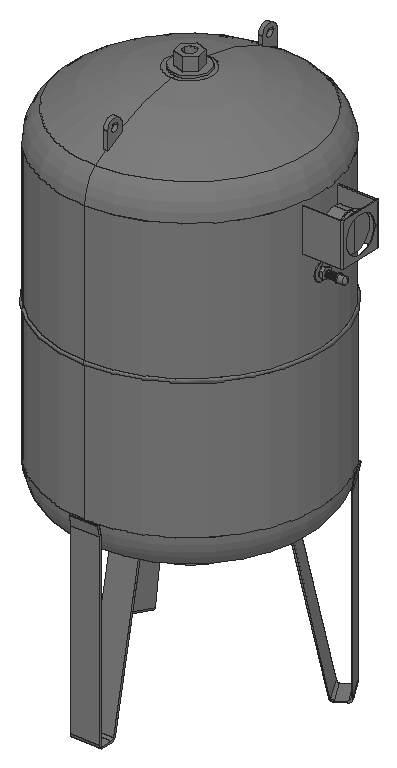
Revit family "MIT-100-ET (Vertical)", category Specialty Equipment, Revit 2022
Family settings
  Round Connector Dimension = Use Diameter
  Part Type = Normal
  Work Plane-Based = No
  Always vertical = Yes
  Cut with Voids When Loaded = No
  Maintain Annotation Orientation = No
  Shared = No
  Room Calculation Point = No
Parameters
  URL = "https://en.ekinendustriyel.com/expansion-tanks"
  Test Pressure = 15.0 bar
  Production Standard = "TS EN 13831"
  Precharge Pressure = 4.0 bar
  Operating Pressure = 10.0 bar
  Model = "MIT-100-ET_(Vertical)"
  Manufacturer = "Ekin Endüstriyel"
  Keynote = "Expension Tank"
  Description = "MIT-Expension Tank"
  Default Elevation = 0 mm
Reference planes
  plane 1 "Center (Front/Back)": y = 0
  plane 2: z = 0
  plane 3 "Center (Left/Right)": x = 0
Forms (mm)
  Revolve 1, solid, material "Ekin Endustriyel-S235JR", detail levels medium+fine
    sketch origin (0, -5730, 0) x (0, 1, 0) y (0, 0, 1)
      loop
        line (5730, 963.758) -> (5730, 962.558) -> (5770.082, 962.558)
        arc (5770.082, 962.558) -> (5857.84, 940.54) -> (5937.263, 897.199) r 357.555
        arc (5937.263, 897.199) -> (5953.429, 874.101) -> (5959.128, 846.49) r 69.733
        line (5959.128, 846.49) -> (5959.128, 353.092)
        arc (5959.128, 353.092) -> (5951.021, 320.564) -> (5928.596, 295.645) r 69.31
        arc (5928.596, 295.645) -> (5867.329, 262.817) -> (5800.687, 243.063) r 341.761
        arc (5800.687, 243.063) -> (5793.289, 238.514) -> (5785.554, 234.566) r 109.367
        line (5785.554, 234.566) -> (5730, 234.566) -> (5730, 233.373) -> (5785.832, 233.373)
        arc (5785.832, 233.373) -> (5793.661, 237.347) -> (5801.151, 241.93) r 110.567
        arc (5801.151, 241.93) -> (5867.899, 261.754) -> (5929.267, 294.65) r 342.961
        arc (5929.267, 294.65) -> (5952.08, 320) -> (5960.328, 353.092) r 70.51
        line (5960.328, 353.092) -> (5960.328, 596.925)
        arc (5960.328, 596.925) -> (5963.328, 600.081) -> (5960.016, 602.908) r 3
        line (5960.016, 602.908) -> (5960.016, 846.49)
        arc (5960.016, 846.49) -> (5953.898, 875.308) -> (5936.601, 899.154) r 70.933
        arc (5936.601, 899.154) -> (5857.46, 941.976) -> (5770.153, 963.758) r 358.755
        line (5770.153, 963.758) -> (5730, 963.758)
      axis (5730, 233.373) -> (5730, 963.758)
    angle from 0 to 360
  Extrusion 2, solid, material "Ekin Endustriyel-S235JR", detail levels coarse
    sketch origin (1330, -1404.642, 191.199) x (1, 0, 0) y (0, 1, 0)
      loop
        circle (-1330, 1405) r 73.5
    from 31 to 42.174
  Revolve 3, solid, material "Ekin Endustriyel-S235JR", detail levels fine
    sketch origin (1890, 0.358, 191.199) x (1, 0, 0) y (0, 0, 1)
      loop
        line (-1901.943, 0.978) -> (-1901.943, 31) -> (-1907.034, 31)
        arc (-1907.034, 31) -> (-1906.343, 30.575) -> (-1906.192, 29.778) r 1.003
        line (-1906.192, 29.778) -> (-1905.077, 28.872) -> (-1906.303, 27.876) -> (-1905.077, 26.88) -> (-1906.303, 25.883) -> (-1905.077, 24.887) -> (-1906.303, 23.891) -> (-1905.077, 22.895) -> (-1906.303, 21.898) -> (-1905.077, 20.902) -> (-1906.303, 19.906) -> (-1905.077, 18.91) -> (-1906.303, 17.914) -> (-1905.077, 16.917) -> (-1906.303, 15.921) -> (-1905.077, 14.925) -> (-1906.303, 13.929) -> (-1905.077, 12.932) -> (-1906.303, 11.936) -> (-1905.077, 10.94) -> (-1906.303, 9.944) -> (-1905.077, 8.948) -> (-1906.303, 7.951) -> (-1905.077, 6.955) -> (-1906.303, 5.959) -> (-1905.077, 4.963) -> (-1906.303, 3.966) -> (-1905.077, 2.97) -> (-1906.303, 1.974) -> (-1905.077, 0.978) -> (-1901.943, 0.978)
      axis (-1890, 31) -> (-1890, 0.978)
    angle from 0 to 360
  Extrusion 4, solid, material "Ekin Endustriyel-S235JR", detail levels fine
    sketch origin (1330, -1404.642, 222.199) x (0, 1, 0) y (1, 0, 0)
      loop
        line (1469.567, -1324.064) -> (1462.158, -1323.023) -> (1457.552, -1328.918) -> (1460.355, -1335.855) -> (1467.764, -1336.896) -> (1472.37, -1331.001) -> (1469.567, -1324.064)
      loop
        line (1342.236, -1323.023) -> (1337.63, -1328.918) -> (1340.433, -1335.855) -> (1347.842, -1336.896) -> (1352.448, -1331.001) -> (1349.645, -1324.064) -> (1342.236, -1323.023)
      loop
        line (1442.389, -1382.929) -> (1439.587, -1375.992) -> (1432.178, -1374.951) -> (1427.572, -1380.846) -> (1430.374, -1387.783) -> (1437.783, -1388.824) -> (1442.389, -1382.929)
      loop
        line (1379.626, -1272.136) -> (1372.217, -1271.095) -> (1367.611, -1276.991) -> (1370.413, -1283.927) -> (1377.822, -1284.969) -> (1382.428, -1279.073) -> (1379.626, -1272.136)
      loop
        line (1377.822, -1388.824) -> (1382.428, -1382.929) -> (1379.626, -1375.992) -> (1372.217, -1374.951) -> (1367.611, -1380.846) -> (1370.413, -1387.783) -> (1377.822, -1388.824)
      loop
        line (1442.389, -1279.073) -> (1439.587, -1272.136) -> (1432.178, -1271.095) -> (1427.572, -1276.991) -> (1430.374, -1283.927) -> (1437.783, -1284.969) -> (1442.389, -1279.073)
    from 0 to 5.3
  Extrusion 5, solid, material "Ekin Endustriyel-S235JR", detail levels fine
    sketch origin (1330, -1404.642, 233.373) x (1, 0, 0) y (0, 1, 0)
      loop
        circle (-1330, 1465) r 4.5
      loop
        circle (-1381.962, 1435) r 4.5
      loop
        circle (-1381.962, 1375) r 4.5
      loop
        circle (-1330, 1345) r 4.5
      loop
        circle (-1278.038, 1375) r 4.5
      loop
        circle (-1278.038, 1435) r 4.5
    from 0 to -11.174
  Extrusion 6, solid, material "Ekin Endustriyel-S235JR", detail levels medium
    sketch origin (1330, -1405, 222.199) x (0, 1, 0) y (1, 0, 0)
      loop
        circle (1405, -1330) r 16.3
      loop
        circle (1405, -1330) r 11.767
    from 30.022 to 0
  Extrusion 7, solid, material "Ekin Endustriyel-S235JR", detail levels coarse
    sketch origin (1330, -1405, 222.199) x (0, 1, 0) y (1, 0, 0)
      loop
        arc (1388.7, -1330) -> (1396.718, -1344.039) -> (1412.885, -1344.266) r 16.3
        arc (1412.885, -1344.266) -> (1413.282, -1315.961) -> (1388.7, -1330) r 16.3
    from 0 to 30.022
  Extrusion 8, solid, material "Ekin Endustriyel-S235JR", detail levels medium+fine
    sketch origin (1330, -2209.642, 222.199) x (0, 1, 0) y (1, 0, 0)
      loop
        circle (2210, -1330) r 73.5
      loop
        circle (2150, -1330) r 4.5
      loop
        circle (2180, -1278.038) r 4.5
      loop
        circle (2240, -1278.038) r 4.5
      loop
        circle (2270, -1330) r 4.5
      loop
        circle (2240, -1381.962) r 4.5
      loop
        circle (2180, -1381.962) r 4.5
      loop
        circle (2158.038, -1300) r 4.5
      loop
        circle (2210, -1270) r 4.5
      loop
        circle (2261.962, -1300) r 4.5
      loop
        circle (2261.962, -1360) r 4.5
      loop
        circle (2210, -1390) r 4.5
      loop
        circle (2158.038, -1360) r 4.5
    from 0 to -11.174
  Extrusion 9, solid, material "Ekin Endustriyel-S235JR", detail levels coarse
    sketch origin (4870, -5705, 42.174) x (0, 1, 0) y (-1, 0, 0)
      loop
        circle (5705, 4870) r 233
    from 191.199 to 921.583
  Extrusion 10, solid, material "Ekin Endustriyel-S235JR", detail levels fine
    sketch origin (0.852, -2660, 0) x (0, 1, 0) y (0, 0, 1)
      loop
        line (2845.349, 914.163) -> (2845.349, 944.119)
        arc (2845.349, 944.119) -> (2830.349, 959.119) -> (2815.349, 944.119) r 15
        line (2815.349, 944.119) -> (2815.349, 930.277)
        arc (2815.349, 930.277) -> (2830.537, 922.571) -> (2845.349, 914.163) r 364.491
      loop
        circle (2830.427, 944.197) r 8.012
      loop
        arc (2475.433, 914.163) -> (2490.244, 922.571) -> (2505.433, 930.277) r 364.491
        line (2505.433, 930.277) -> (2505.433, 944.119)
        arc (2505.433, 944.119) -> (2490.433, 959.119) -> (2475.433, 944.119) r 15
        line (2475.433, 944.119) -> (2475.433, 914.163)
      loop
        circle (2490.355, 944.197) r 8.012
    from -4.668 to 2.964
  Extrusion 11, solid, material "Ekin Endustriyel-S235JR", detail levels medium+fine
    sketch origin (3869.844, -4745.469, 966.577) x (0, 1, 0) y (-1, 0, 0)
      loop
        circle (4745.469, 3869.844) r 11
      loop
        line (4730.56, 3886.032) -> (4723.995, 3865.027) -> (4738.903, 3848.838) -> (4760.377, 3853.655) -> (4766.943, 3874.661) -> (4752.034, 3890.849) -> (4730.56, 3886.032)
    from 0.181 to 23
  Extrusion 12, solid, material "Ekin Endustriyel-S235JR", detail levels coarse
    sketch origin (3869.844, -4745.469, 966.577) x (0, 1, 0) y (-1, 0, 0)
      loop
        line (4730.56, 3886.032) -> (4723.995, 3865.027) -> (4738.903, 3848.838) -> (4760.377, 3853.655) -> (4766.943, 3874.661) -> (4752.034, 3890.849) -> (4730.56, 3886.032)
    from -2.819 to 23
  Extrusion 13, solid, material "Ekin Endustriyel-S235JR", detail levels medium+fine
    sketch origin (1.613, -2.82, 0) x (-0.866025, 0.5, 0) y (0, 0, 1)
      loop
        line (236.42, 352.064) -> (234.457, 352.445) -> (230.986, 334.587) -> (230.986, 7)
        arc (230.986, 7) -> (229.521, 3.464) -> (225.986, 2) r 5
        line (225.986, 2) -> (206.654, 2)
        arc (206.654, 2) -> (203.508, 3.114) -> (201.764, 5.96) r 5
        line (201.764, 5.96) -> (146.877, 264.183) -> (144.92, 263.767) -> (199.812, 5.523)
        arc (199.812, 5.523) -> (202.244, 1.554) -> (206.633, 0) r 6.973
        line (206.633, 0) -> (226.029, 0)
        arc (226.029, 0) -> (230.948, 2.038) -> (232.986, 6.957) r 6.957
        line (232.986, 6.957) -> (232.986, 334.394) -> (236.42, 352.064)
    from -23.363 to 26.635
  Extrusion 14, solid, material "Ekin Endustriyel-S235JR", detail levels medium+fine
    sketch origin (1.613, -2.82, 0) x (0, -1, 0) y (0, 0, 1)
      loop
        line (230.257, 352.064) -> (228.294, 352.445) -> (224.823, 334.587) -> (224.823, 7)
        arc (224.823, 7) -> (223.358, 3.464) -> (219.823, 2) r 5
        line (219.823, 2) -> (200.491, 2)
        arc (200.491, 2) -> (197.344, 3.114) -> (195.6, 5.96) r 5
        line (195.6, 5.96) -> (140.713, 264.183) -> (138.757, 263.767) -> (193.649, 5.523)
        arc (193.649, 5.523) -> (196.081, 1.554) -> (200.469, 0) r 6.973
        line (200.469, 0) -> (219.866, 0)
        arc (219.866, 0) -> (224.785, 2.038) -> (226.823, 6.957) r 6.957
        line (226.823, 6.957) -> (226.823, 334.394) -> (230.257, 352.064)
    from -23.363 to 26.635
  Extrusion 15, solid, material "Ekin Endustriyel-S235JR", detail levels medium+fine
    sketch origin (1.613, -2.82, 0) x (0.866025, 0.5, 0) y (0, 0, 1)
      loop
        line (233.626, 352.064) -> (231.663, 352.445) -> (228.192, 334.587) -> (228.192, 7)
        arc (228.192, 7) -> (226.727, 3.464) -> (223.192, 2) r 5
        line (223.192, 2) -> (203.86, 2)
        arc (203.86, 2) -> (200.714, 3.114) -> (198.969, 5.96) r 5
        line (198.969, 5.96) -> (144.083, 264.183) -> (142.126, 263.767) -> (197.018, 5.523)
        arc (197.018, 5.523) -> (199.45, 1.554) -> (203.838, 0) r 6.973
        line (203.838, 0) -> (223.235, 0)
        arc (223.235, 0) -> (228.154, 2.038) -> (230.192, 6.957) r 6.957
        line (230.192, 6.957) -> (230.192, 334.394) -> (233.626, 352.064)
    from -23.363 to 26.635
  Extrusion 16, solid, material "Ekin Endustriyel-S235JR", detail levels coarse
    sketch origin (1.613, -2.82, 0) x (-0.866025, 0.5, 0) y (0, 0, 1)
      loop
        line (232.986, 233.373) -> (151.381, 233.373) -> (199.812, 5.523)
        arc (199.812, 5.523) -> (202.244, 1.554) -> (206.633, 0) r 6.973
        line (206.633, 0) -> (226.029, 0)
        arc (226.029, 0) -> (230.948, 2.038) -> (232.986, 6.957) r 6.957
        line (232.986, 6.957) -> (232.986, 233.373)
    from -23.363 to 26.635
  Extrusion 17, solid, material "Ekin Endustriyel-S235JR", detail levels coarse
    sketch origin (1.613, -2.82, 0) x (0, -1, 0) y (0, 0, 1)
      loop
        line (224.823, 233.373) -> (145.218, 233.373) -> (193.649, 5.523)
        arc (193.649, 5.523) -> (196.081, 1.554) -> (200.469, 0) r 6.973
        line (200.469, 0) -> (217.866, 0)
        arc (217.866, 0) -> (222.785, 2.038) -> (224.823, 6.957) r 6.957
        line (224.823, 6.957) -> (224.823, 233.373)
    from -23.363 to 26.635
  Extrusion 18, solid, material "Ekin Endustriyel-S235JR", detail levels coarse
    sketch origin (1.613, -2.82, 0) x (0.866025, 0.5, 0) y (0, 0, 1)
      loop
        line (230.192, 233.373) -> (148.587, 233.373) -> (197.018, 5.523)
        arc (197.018, 5.523) -> (199.45, 1.554) -> (203.838, 0) r 6.973
        line (203.838, 0) -> (223.235, 0)
        arc (223.235, 0) -> (228.154, 2.038) -> (230.192, 6.957) r 6.957
        line (230.192, 6.957) -> (230.192, 233.373)
    from -23.363 to 26.635
  Extrusion 19, solid, material "Ekin Endustriyel-S235JR", detail levels medium+fine
    sketch origin (3869.844, -4745.469, 966.577) x (0, 1, 0) y (-1, 0, 0)
      loop
        circle (4745.827, 3869.844) r 32.5
    from -2.819 to 0.181
  Extrusion 20, solid, material "Ekin Endustriyel-S235JR", detail levels coarse
    sketch origin (0, 0, 0) x (1, 0, 0) y (0, 1, 0)
      loop
        line (229.689, -39.142) -> (298.922, -39.142) -> (298.922, 39.858) -> (229.566, 39.858)
        arc (229.566, 39.858) -> (232.14, 20.003) -> (233, 0) r 233
        arc (233, 0) -> (232.171, -19.641) -> (229.689, -39.142) r 233
    from 767.5 to 842.5
  Extrusion 21, solid, material "Ekin Endustriyel-S235JR", detail levels medium+fine
    sketch origin (0, 0, 0) x (1, 0, 0) y (0, 1, 0)
      loop
        line (296.322, 39.858) -> (229.566, 39.858)
        arc (229.566, 39.858) -> (229.737, 38.858) -> (229.904, 37.858) r 233
        line (229.904, 37.858) -> (296.322, 37.858)
        arc (296.322, 37.858) -> (296.747, 37.682) -> (296.922, 37.258) r 0.6
        line (296.922, 37.258) -> (296.922, -36.542)
        arc (296.922, -36.542) -> (296.747, -36.967) -> (296.322, -37.142) r 0.6
        line (296.322, -37.142) -> (230.021, -37.142)
        arc (230.021, -37.142) -> (229.857, -38.143) -> (229.689, -39.142) r 233
        line (229.689, -39.142) -> (296.322, -39.142)
        arc (296.322, -39.142) -> (298.161, -38.381) -> (298.922, -36.542) r 2.6
        line (298.922, -36.542) -> (298.922, 37.258)
        arc (298.922, 37.258) -> (298.161, 39.096) -> (296.322, 39.858) r 2.6
    from 767.5 to 842.5
  Extrusion 22, void
    sketch origin (298.922, -36.542, 0) x (0, 1, 0) y (0, 0, 1)
      loop
        circle (36.9, 805) r 32.5
    from -2 to 0
  Revolve 23, solid, material "Ekin Endustriyel-S235JR", detail levels fine
    sketch origin (0, 0, 0) x (1, 0, 0) y (0, 0, 1)
      loop
        line (230, 811.5) -> (230, 805) -> (288.499, 805) -> (288.499, 837.415) -> (283.499, 837.415) -> (283.499, 835.016) -> (279.483, 835.016)
        arc (279.483, 835.016) -> (278.774, 834.723) -> (278.48, 834.013) r 1.003
        line (278.48, 834.013) -> (253.48, 834.013) -> (253.48, 815.002) -> (252.5, 815.002)
        arc (252.5, 815.002) -> (252.139, 814.657) -> (252, 814.178) r 0.964
        line (252, 814.178) -> (252, 812.305) -> (245, 812.305) -> (245, 811.5) -> (230, 811.5)
      axis (230, 805) -> (288.499, 805)
    angle from 0 to 360
  Revolve 24, solid, material "Ekin Endustriyel-S235JR", detail levels fine
    sketch origin (0, 0, -81.796) x (1, 0, 0) y (0, 0, 1)
      loop
        line (229.96, 805) -> (275.561, 805)
        arc (275.561, 805) -> (274.758, 808.458) -> (272.513, 811.208) r 7.847
        line (272.513, 811.208) -> (261.504, 811.208) -> (261.504, 812.005) -> (260.479, 812.005) -> (260.479, 810.108) -> (259.639, 809.269) -> (258.962, 809.946) -> (258.285, 809.269) -> (257.608, 809.946) -> (256.931, 809.269) -> (256.254, 809.946) -> (255.577, 809.269) -> (254.899, 809.946) -> (254.222, 809.269) -> (253.545, 809.946) -> (252.868, 809.269) -> (252.191, 809.946) -> (251.514, 809.269) -> (250.837, 809.946) -> (250.16, 809.269) -> (249.483, 809.946) -> (248.806, 809.269) -> (248.128, 809.946) -> (247.451, 809.269) -> (246.774, 809.946) -> (246.097, 809.269) -> (245.42, 809.946) -> (244.743, 809.269) -> (244.066, 809.946) -> (243.389, 809.269) -> (242.712, 809.946) -> (242.035, 809.269) -> (241.357, 809.946) -> (240.68, 809.269) -> (240.003, 809.946) -> (239.326, 809.269) -> (238.649, 809.946) -> (237.972, 809.269) -> (237.295, 809.946) -> (236.618, 809.269) -> (235.941, 809.946) -> (235.264, 809.269) -> (234.586, 809.946) -> (233.909, 809.269) -> (233.232, 809.946) -> (232.555, 809.269) -> (232.001, 809.823) -> (232.001, 814.435) -> (232.001, 819.99) -> (229.96, 819.99) -> (229.96, 805)
      axis (229.96, 805) -> (275.561, 805)
    angle from 0 to 360
  Extrusion 25, solid, material "Ekin Endustriyel-S235JR", detail levels fine
    sketch origin (0, 0, 0) x (0, 1, 0) y (0, 0, 1)
      loop
        line (0.348, 732.628) -> (-7.805, 727.921) -> (-7.805, 718.507) -> (0.348, 713.8) -> (8.5, 718.507) -> (8.5, 727.921) -> (0.348, 732.628)
    from 232.001 to 240.003
Cuts and joins
  joined: Extrusion 4, Extrusion 5
  Extrusion 22 cuts Extrusion 21
Dimensions and locks
  aligned and locked: level to plane 2
Connectors
  piping at (0, 0, 192.176), diameter 25.4
    settings: on Extrusion 6, index 1, connector inside diameter 609.6 mm, connector length 0 mm, flow factor 0, pipe flow 0.0 L/s, pressure drop 0.0 Pa, fitting loss kfactor 0, connector angle 0.00°, fixture units 0, engagement length 0 mm, angle of deflection 0.00°, flow configuration 0, flow direction 0, fitting loss method 0, system type 7, joint type 0, gender type 0, connector reference index -1, connector utility 0, adjustable connector no, is connector primary yes, connector description ""
